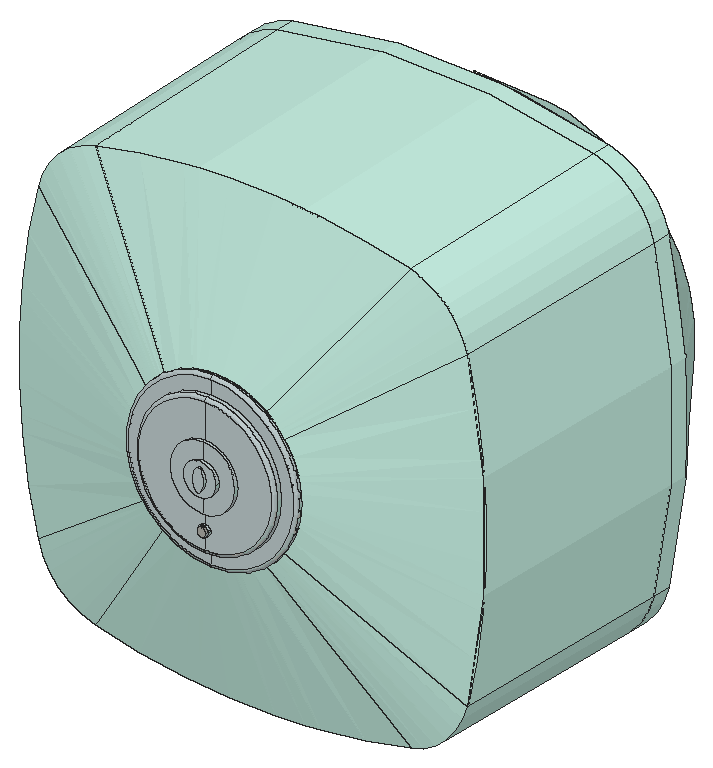
Revit family
Parameters (values of type "440 X 455 X 389")
  Wattage = 1500 W
  Hot Water Pipe Radius = Hot Water Pipe Diameter / 2  # 6.35 mm
  Hot Water Pipe Diameter = 12.7 mm
  Length D = 113 mm
  Heating Time (min) = "80"
  Heater Width = 440 mm
  Width = 455 mm
  URL = "http://www.autospec.co.za/browse.php?id=1660957480"
  Product Code = "FPRX-30-OB"
  OmniClass Title = ""
  OmniClass Number = ""
  Modspec Classification = ""
  Specification = ""
  Material = Galvanised Steel
  Weight (Kg) = "14"
  Location (revit room) = ""
  Model = "Prisma Storage Water Heater FPRX 30 OB"
  Manufacturer = "Kwikot"  # constant formula
  Length = 440 mm
  Electrical Supply = 230 V
  Depth = 389 mm
  Colour = none
  Cold Water Pipe Radius = Cold Water Pipe Diameter / 2  # 6.35 mm
  Cold Water Pipe Diameter = 12.7 mm
  Capacity (Litres) = 30.00 L
  Body Material = Green
  Body Finish = none
  Assembly Code = "D3010500"
Reference planes
  plane 1 "Center (Front/Back)": y = 0
  plane 2 "Bottom": z = 0
  plane 3 "Center (Left/Right)": x = 0
  plane 4: z = 220
  plane 5: z = -220
  plane 6: z = -235
  plane 7: x = -220
  plane 8: x = 220
  plane 9: y = 389
  plane 10: y = 276
  plane 11: y = 293.5
  plane 12: y = 20
  plane 13: y = 63.5
Forms (mm)
  Extrusion 1, solid, material "Red"
    sketch origin (-583.163, -1524, -220) x (-1, 0, 0) y (0, -1, 0)
      loop
        circle (-533.163, -1809) r 6.35
    from 4.425 to -15
  Extrusion 2, solid, material "Green" <- "Body Material"
    sketch origin (587.769, 276, 1200) x (1, 0, 0) y (0, 0, 1)
      loop
        arc (-734.962, -997.58) -> (-770.332, -1017.437) -> (-790.19, -1052.807) r 75
        arc (-790.19, -1052.807) -> (-807.769, -1200) -> (-790.19, -1347.193) r 625
        arc (-790.19, -1347.193) -> (-770.332, -1382.563) -> (-734.962, -1402.42) r 75
        arc (-734.962, -1402.42) -> (-587.769, -1420) -> (-440.577, -1402.42) r 625
        arc (-440.577, -1402.42) -> (-405.207, -1382.563) -> (-385.349, -1347.193) r 75
        arc (-385.349, -1347.193) -> (-367.769, -1200) -> (-385.349, -1052.807) r 625
        arc (-385.349, -1052.807) -> (-405.207, -1017.437) -> (-440.577, -997.58) r 75
        arc (-440.577, -997.58) -> (-587.769, -980) -> (-734.962, -997.58) r 625
    from 0 to -17.5
  Revolve 3, solid, material "Gray"
    sketch origin (0, 0, 0) x (0, 1, 0) y (0, 0, 1)
      loop
        line (15, 0) -> (15, 65) -> (11, 65)
        arc (11, 65) -> (8.879, 64.121) -> (8, 62) r 3
        line (8, 62) -> (8, 30) -> (5, 30) -> (5, 0) -> (15, 0)
      axis (15, 0) -> (5, 0)
    angle from 0 to 360
  Extrusion 4, solid, material "Blue"
    sketch origin (-583.163, -1524, -220) x (-1, 0, 0) y (0, -1, 0)
      loop
        circle (-633.163, -1809) r 6.35
    from 4.425 to -15
  Blend 5, solid, material "Green" <- "Body Material"
    base sketch origin (0, 293.5, 528.983) x (0, 0, 1) y (-1, 0, 0)
      loop
        arc (-326.563, -147.193) -> (-308.983, 0) -> (-326.563, 147.193) r 625
        arc (-326.563, 147.193) -> (-346.421, 182.563) -> (-381.79, 202.42) r 75
        arc (-381.79, 202.42) -> (-528.983, 220) -> (-676.176, 202.42) r 625
        arc (-676.176, 202.42) -> (-711.546, 182.563) -> (-731.403, 147.193) r 75
        arc (-731.403, 147.193) -> (-748.983, 0) -> (-731.403, -147.193) r 625
        arc (-731.403, -147.193) -> (-711.546, -182.563) -> (-676.176, -202.42) r 75
        arc (-676.176, -202.42) -> (-528.983, -220) -> (-381.79, -202.42) r 625
        arc (-381.79, -202.42) -> (-346.421, -182.563) -> (-326.563, -147.193) r 75
    top sketch origin (0, 293.5, 528.983) x (0, 0, 1) y (-1, 0, 0)
      loop
        arc (-407.667, -88.217) -> (-378.983, 0) -> (-407.667, 88.217) r 150
        arc (-407.667, 88.217) -> (-422.917, 106.066) -> (-440.766, 121.317) r 150
        arc (-440.766, 121.317) -> (-528.983, 150) -> (-617.201, 121.317) r 150
        arc (-617.201, 121.317) -> (-635.049, 106.066) -> (-650.3, 88.217) r 150
        arc (-650.3, 88.217) -> (-678.983, 0) -> (-650.3, -88.217) r 150
        arc (-650.3, -88.217) -> (-635.049, -106.066) -> (-617.201, -121.317) r 150
        arc (-617.201, -121.317) -> (-528.983, -150) -> (-440.766, -121.317) r 150
        arc (-440.766, -121.317) -> (-422.917, -106.066) -> (-407.667, -88.217) r 150
    from 0 to -95.5
  Blend 6, solid, material "Green" <- "Body Material"
    base sketch origin (587.769, 276, 1200) x (1, 0, 0) y (0, 0, 1)
      loop
        arc (-734.962, -997.58) -> (-770.332, -1017.437) -> (-790.19, -1052.807) r 75
        arc (-790.19, -1052.807) -> (-807.769, -1200) -> (-790.19, -1347.193) r 625
        arc (-790.19, -1347.193) -> (-770.332, -1382.563) -> (-734.962, -1402.42) r 75
        arc (-734.962, -1402.42) -> (-587.769, -1420) -> (-440.577, -1402.42) r 625
        arc (-440.577, -1402.42) -> (-405.207, -1382.563) -> (-385.349, -1347.193) r 75
        arc (-385.349, -1347.193) -> (-367.769, -1200) -> (-385.349, -1052.807) r 625
        arc (-385.349, -1052.807) -> (-405.207, -1017.437) -> (-440.577, -997.58) r 75
        arc (-440.577, -997.58) -> (-587.769, -980) -> (-734.962, -997.58) r 625
    top sketch origin (587.769, 276, 1200) x (1, 0, 0) y (0, 0, 1)
      loop
        arc (-734.256, -1000.495) -> (-768.211, -1019.559) -> (-787.274, -1053.514) r 72
        arc (-787.274, -1053.514) -> (-804.769, -1200) -> (-787.274, -1346.486) r 622
        arc (-787.274, -1346.486) -> (-768.211, -1380.441) -> (-734.256, -1399.505) r 72
        arc (-734.256, -1399.505) -> (-587.769, -1417) -> (-441.283, -1399.505) r 622
        arc (-441.283, -1399.505) -> (-407.328, -1380.441) -> (-388.265, -1346.486) r 72
        arc (-388.265, -1346.486) -> (-370.769, -1200) -> (-388.265, -1053.514) r 622
        arc (-388.265, -1053.514) -> (-407.328, -1019.559) -> (-441.283, -1000.495) r 72
        arc (-441.283, -1000.495) -> (-587.769, -983) -> (-734.256, -1000.495) r 622
    from 0 to 212.5
  Blend 7, solid, material "Green" <- "Body Material"
    base sketch origin (0, 63.5, 1442.37) x (0, 0, 1) y (-1, 0, 0)
      loop
        arc (-1588.857, 199.505) -> (-1622.812, 180.441) -> (-1641.875, 146.486) r 72
        arc (-1641.875, 146.486) -> (-1659.37, 0) -> (-1641.875, -146.486) r 622
        arc (-1641.875, -146.486) -> (-1622.812, -180.441) -> (-1588.857, -199.505) r 72
        arc (-1588.857, -199.505) -> (-1442.37, -217) -> (-1295.884, -199.505) r 622
        arc (-1295.884, -199.505) -> (-1261.929, -180.441) -> (-1242.866, -146.486) r 72
        arc (-1242.866, -146.486) -> (-1225.37, 0) -> (-1242.866, 146.486) r 622
        arc (-1242.866, 146.486) -> (-1261.929, 180.441) -> (-1295.884, 199.505) r 72
        arc (-1295.884, 199.505) -> (-1442.37, 217) -> (-1588.857, 199.505) r 622
    top sketch origin (0, 63.5, 1442.37) x (0, 0, 1) y (-1, 0, 0)
      loop
        arc (-1377.886, 47.348) -> (-1385.802, 56.569) -> (-1395.023, 64.484) r 80
        arc (-1395.023, 64.484) -> (-1442.37, 80) -> (-1489.718, 64.484) r 80
        arc (-1489.718, 64.484) -> (-1498.939, 56.569) -> (-1506.855, 47.348) r 80
        arc (-1506.855, 47.348) -> (-1522.37, 0) -> (-1506.855, -47.348) r 80
        arc (-1506.855, -47.348) -> (-1498.939, -56.569) -> (-1489.718, -64.484) r 80
        arc (-1489.718, -64.484) -> (-1442.37, -80) -> (-1395.023, -64.484) r 80
        arc (-1395.023, -64.484) -> (-1385.802, -56.569) -> (-1377.886, -47.348) r 80
        arc (-1377.886, -47.348) -> (-1362.37, 0) -> (-1377.886, 47.348) r 80
    from 0 to 43.5
  Revolve 8, solid, material "Gray"
    sketch origin (0, 0, 0) x (0, 1, 0) y (0, 0, 1)
      loop
        line (20, 0) -> (20, 80) -> (18, 80)
        arc (18, 80) -> (15.879, 79.121) -> (15, 77) r 3
        line (15, 77) -> (15, 0) -> (20, 0)
      axis (20, 0) -> (15, 0)
    angle from 0 to 360
  Extrusion 9, solid, material "Gray"
    sketch origin (0, 0, 0) x (1, 0, 0) y (0, 0, 1)
      loop
        circle (0, 0) r 15
    from -2 to -5
  Extrusion 10, solid, material "Gray"
    sketch origin (0, 0, 0) x (1, 0, 0) y (0, 0, 1)
      loop
        spline (0, -10) -> (1.294, -9.659) -> (2.5, -8.66) -> (3.536, -7.071) -> (4.33, -5) -> (4.83, -2.588) -> (5, 0) -> (4.83, 2.588) -> (4.33, 5) -> (3.536, 7.071) -> (2.5, 8.66) -> (1.294, 9.659) -> (0, 10)
        spline (0, 10) -> (-1.294, 9.659) -> (-2.5, 8.66) -> (-3.536, 7.071) -> (-4.33, 5) -> (-4.83, 2.588) -> (-5, 0) -> (-4.83, -2.588) -> (-4.33, -5) -> (-3.536, -7.071) -> (-2.5, -8.66) -> (-1.294, -9.659) -> (0, -10)
    from 0 to -2
  Extrusion 11, solid, material "Gray"
    sketch origin (0, 0, 0) x (1, 0, 0) y (0, 0, 1)
      loop
        circle (0, -45) r 5
    from -6 to -8
  Extrusion 12, solid, material "Yellow"
    sketch origin (0, 0, 0) x (1, 0, 0) y (0, 0, 1)
      loop
        circle (0, -45) r 4
    from -4 to -6
  Extrusion 13, solid
    sketch origin (-220, -1524, -438.75) x (0, 0, -1) y (0, -1, 0)
      loop
        circle (-438.75, -1701.336) r 20
    from 0 to 3
Cuts and joins
  joined: Extrusion 2, Blend 5, Blend 6, Blend 7
Lines and regions (mm)
  symbolic lines
    curve 1: line (-220.657, 293.5, -220) -> (220.267, 293.5, -220)
    curve 2: line (-220, 276, -220) -> (220, 276, -220)
    curve 3: line (-217, 63.501, -220) -> (217, 63.501, -220)
    curve 4: arc (-56.35, 285, 220) -> (-50, 278.65, 220) -> (-43.65, 285, 220) r 6.35
    curve 5: arc (-43.65, 285, 220) -> (-50, 291.35, 220) -> (-56.35, 285, 220) r 6.35
    curve 6: arc (43.65, 285, 220) -> (50, 278.65, 220) -> (56.35, 285, 220) r 6.35
    curve 7: arc (56.35, 285, 220) -> (50, 291.35, 220) -> (43.65, 285, 220) r 6.35
    curve 8: line (150, 389, 220) -> (-150, 389, 220)
    curve 9: line (-220, 293.5, 220) -> (220.267, 293.5, 220)
    curve 10: line (-220, 276, 220) -> (220, 276, 220)
    curve 11: line (-217, 63.501, 220) -> (217, 63.501, 220)
    curve 12: line (-220, 276, 220) -> (-217, 63.501, 220)
    curve 13: line (220, 276, 220) -> (217, 63.501, 220)
    curve 14: line (150, 389, 220) -> (220, 293.5, 220)
    curve 15: line (220, 293.5, 220) -> (220, 276, 220)
    curve 16: line (-220, 293.5, 220) -> (-150, 389, 220)
    curve 17: line (-220, 293.5, 220) -> (-220, 276, 220)
    curve 18: line (-217, 63.501, 220) -> (-80, 20, 220)
    curve 19: line (-80, 20, 220) -> (80, 20, 220)
    curve 20: line (80, 20, 220) -> (217, 63.501, 220)
    curve 21: line (-80, 20, 220) -> (-80, 18, 220)
    curve 22: line (-77, 15, 220) -> (77, 15, 220)
    curve 23: line (80, 18, 220) -> (80, 20, 220)
    curve 24: line (-65, 15, 220) -> (-65, 11.001, 220)
    curve 25: line (-62, 8.001, 220) -> (62, 8.001, 220)
    curve 26: line (65, 11.001, 220) -> (65, 15, 220)
    curve 27: line (-30, 8.001, 220) -> (-30, 5.082, 220)
    curve 28: line (-30, 5.082, 220) -> (30, 5.082, 220)
    curve 29: line (30, 5.082, 220) -> (30, 8.001, 220)
    curve 30: line (-15, 5.082, 220) -> (-15, 2, 220)
    curve 31: line (-15, 2, 220) -> (15, 2, 220)
    curve 32: line (15, 2, 220) -> (15, 5.082, 220)
    curve 33: line (-5, 2, 220) -> (-5, 0, 220)
    curve 34: line (-5, 0, 220) -> (5, 0, 220)
    curve 35: line (5, 0, 220) -> (5, 2, 220)
    curve 36: arc (-77, 15, 220) -> (-79.121, 15.879, 220) -> (-80, 18, 220) r 3
    curve 37: arc (-62, 8.001, 220) -> (-64.121, 8.879, 220) -> (-65, 11.001, 220) r 3
    curve 38: arc (62, 8.001, 220) -> (64.121, 8.879, 220) -> (65, 11.001, 220) r 3
    curve 39: arc (77, 15, 220) -> (79.121, 15.879, 220) -> (80, 18, 220) r 3
Dimensions and locks
  "Heater Width": plane 4 to plane 5
  "Length": plane 7 to plane 8
  equal spacing: plane 7, plane 3 "Center (Left/Right)", plane 8
  equal spacing: plane 4, level, plane 5
  "Depth": plane 9 to plane 1 "Center (Front/Back)"
  Extrusion 1 sketch curve to plane 3 "Center (Left/Right)" = 50 mm
  "Length D": plane 9 to plane 10
  plane 3 "Center (Left/Right)" to Extrusion 4 sketch curve = 50 mm
  "Width": plane 4 to plane 6
  Extrusion 4 sketch curve to plane 9 = 104 mm
  Extrusion 1 sketch curve to plane 9 = 104 mm
  plane 2 "Bottom" to Extrusion 11 sketch curve = 45 mm
  "Hot Water Pipe Radius": radius of Extrusion 1 sketch curve
  "Cold Water Pipe Radius": radius of Extrusion 4 sketch curve
  aligned and locked: plane 2 "Bottom" to level
  aligned: Extrusion 1 to plane 6
  aligned and locked: plane 2 "Bottom" to Revolve 3 sketch curve
  aligned and locked: Extrusion 4 to plane 6
  aligned and locked: Extrusion 4 to Extrusion 1
  aligned and locked: Extrusion 1 to Extrusion 4
  aligned and locked: Extrusion 1 to plane 6
  aligned and locked: Blend 5 to plane 9
  aligned and locked: curve 4 to Extrusion 1
  aligned and locked: curve 5 to Extrusion 1
  aligned and locked: curve 6 to Extrusion 4
  aligned and locked: curve 7 to Extrusion 4
  aligned and locked: Blend 5 sketch curve to cut or joined group of Extrusion 2, Blend 5, Blend 6, Blend 7  (x8)
  aligned and locked: plane 11 to Blend 5
  aligned and locked: Blend 6 sketch curve to cut or joined group of Extrusion 2, Blend 5, Blend 6, Blend 7  (x8)
  aligned and locked: Blend 7 sketch curve to cut or joined group of Extrusion 2, Blend 5, Blend 6, Blend 7  (x8)
  aligned and locked: plane 12 to Blend 7
  aligned and locked: curve 8 to cut or joined group of Extrusion 2, Blend 5, Blend 6, Blend 7
  aligned and locked: curve 1 to curve 9
  aligned and locked: curve 10 to curve 2
  aligned and locked: curve 11 to curve 3
  aligned and locked: curve 12 to curve 3
  aligned and locked: curve 13 to curve 3
  aligned and locked: plane 8 to curve 15
  aligned and locked: plane 7 to curve 17
  aligned and locked: plane 2 "Bottom" to Revolve 8 sketch curve  (x2)
  aligned and locked: Revolve 8 sketch curve to cut or joined group of Extrusion 2, Blend 5, Blend 6, Blend 7
  aligned: Extrusion 9 to Revolve 3
Automatic sketch dimensions
  plane 11 to curve 1 = 0 mm
  curve 2 to plane 8 = 0 mm
  curve 2 to plane 7 = 0 mm
  plane 10 to curve 2 = 0 mm
  curve 1 to plane 8 = 0.267 mm
  curve 3 to plane 13 = 0.001 mm
  plane 8 to curve 3 = 3 mm
  curve 3 to plane 7 = 3 mm
  plane 7 to curve 1 = 0.657 mm
  Extrusion 2 sketch curve to level = 0 mm  (x2)
  Extrusion 2 sketch curve to plane 3 "Center (Left/Right)" = 0 mm  (x2)
  plane 5 to Extrusion 2 sketch curve = 17.58 mm  (x2)
  Extrusion 2 sketch curve to Extrusion 2 sketch curve = 17.663 mm  (x3)
  Extrusion 2 sketch curve to plane 4 = 17.58 mm
  Extrusion 2 sketch curve to Extrusion 2 sketch curve = 0 mm  (x7)
  Extrusion 2 sketch curve to plane 7 = 17.58 mm
  Extrusion 2 sketch curve to Extrusion 2 sketch curve = 72.89 mm
  plane 7 to Extrusion 2 sketch curve = 185 mm
  plane 8 to Extrusion 2 sketch curve = 90.47 mm
  plane 8 to Extrusion 2 sketch curve = 72.807 mm
  plane 8 to Extrusion 2 sketch curve = 17.58 mm  (x2)
  Blend 5 sketch curve to Blend 5 sketch curve = 0 mm  (x56)
  Blend 5 sketch curve to level = 0 mm
  Blend 5 sketch curve to plane 3 "Center (Left/Right)" = 0 mm
  Blend 5 sketch curve to level = 88.217 mm  (x2)
  Blend 5 sketch curve to Blend 5 sketch curve = 33.099 mm  (x4)
  level to Blend 5 sketch curve = 88.217 mm  (x2)
  plane 3 "Center (Left/Right)" to Blend 5 sketch curve = 88.217 mm
  Blend 6 sketch curve to level = 0 mm  (x2)
  Blend 6 sketch curve to plane 3 "Center (Left/Right)" = 0 mm  (x2)
  Blend 6 sketch curve to plane 7 = 90.47 mm
  Blend 6 sketch curve to plane 4 = 20.495 mm
  Blend 6 sketch curve to Blend 6 sketch curve = 16.957 mm  (x4)
  plane 5 to Blend 6 sketch curve = 20.495 mm
  Blend 6 sketch curve to Blend 6 sketch curve = 0 mm  (x7)
  Blend 6 sketch curve to plane 7 = 20.495 mm
  Blend 6 sketch curve to Blend 6 sketch curve = 69.975 mm  (x3)
  plane 7 to Blend 6 sketch curve = 185 mm
  plane 8 to Blend 6 sketch curve = 90.47 mm
  Blend 7 sketch curve to level = 0 mm
  Blend 7 sketch curve to plane 3 "Center (Left/Right)" = 0 mm
  Blend 7 sketch curve to Blend 7 sketch curve = 0 mm  (x13)
  Blend 7 sketch curve to Blend 7 sketch curve = 17.137 mm  (x4)
  Blend 7 sketch curve to plane 3 "Center (Left/Right)" = 47.348 mm
  Blend 7 sketch curve to level = 64.484 mm
  level to Blend 7 sketch curve = 47.348 mm  (x2)
  plane 3 "Center (Left/Right)" to Blend 7 sketch curve = 47.348 mm
  plane 12 to Revolve 8 sketch curve = 2 mm
  plane 12 to Revolve 8 sketch curve = 5 mm
  plane 1 "Center (Front/Back)" to Revolve 8 sketch curve = 55 mm
  Revolve 8 sketch curve to plane 13 = 31.5 mm
  level to Revolve 8 sketch curve = 77 mm
  Revolve 3 sketch curve to level = 0 mm
  plane 1 "Center (Front/Back)" to Revolve 3 sketch curve = 7.054 mm
  Revolve 3 sketch curve to plane 1 "Center (Front/Back)" = 5 mm
  Revolve 3 sketch curve to Revolve 3 sketch curve = 3 mm  (x2)
  Revolve 3 sketch curve to Revolve 3 sketch curve = 4 mm
  Revolve 3 sketch curve to plane 12 = 17.946 mm
  level to Revolve 3 sketch curve = 30 mm
  Revolve 3 sketch curve to Revolve 3 sketch curve = 32 mm
  Extrusion 9 sketch curve to level = 0 mm
  Extrusion 9 sketch curve to plane 3 "Center (Left/Right)" = 0 mm
  Extrusion 10 sketch curve to plane 3 "Center (Left/Right)" = 0 mm
  Extrusion 10 sketch curve to level = 0 mm
  Extrusion 10 sketch curve to level = 10 mm
  curve 14 to plane 8 = 0 mm
  plane 9 to curve 8 = 0 mm
  plane 12 to curve 20 = 0 mm
  plane 1 "Center (Front/Back)" to curve 35 = 0 mm
  curve 9 to curve 14 = 0.267 mm
  plane 8 to curve 8 = 70 mm
  plane 12 to curve 23 = 2 mm
  plane 3 "Center (Left/Right)" to curve 23 = 80 mm
  curve 23 to curve 22 = 3 mm
  curve 22 to curve 38 = 12 mm
  curve 38 to curve 25 = 3 mm
  curve 29 to plane 1 "Center (Front/Back)" = 8.001 mm
  plane 3 "Center (Left/Right)" to curve 29 = 30 mm
  curve 31 to plane 1 "Center (Front/Back)" = 2 mm
  plane 3 "Center (Left/Right)" to curve 31 = 15 mm
  plane 3 "Center (Left/Right)" to curve 35 = 5 mm
  curve 34 to plane 3 "Center (Left/Right)" = 5 mm
  curve 33 to curve 30 = 10 mm
  curve 28 to plane 1 "Center (Front/Back)" = 5.082 mm
  curve 30 to curve 28 = 15 mm
  curve 27 to curve 37 = 32 mm
  curve 37 to curve 37 = 3 mm
  curve 24 to curve 36 = 12 mm
  curve 36 to curve 18 = 3 mm
  curve 8 to plane 7 = 70 mm
  Extrusion 11 sketch curve to plane 3 "Center (Left/Right)" = 0 mm
  Extrusion 12 sketch curve to plane 3 "Center (Left/Right)" = 0 mm
  Extrusion 12 sketch curve to plane 3 "Center (Left/Right)" = 4 mm
  Extrusion 12 sketch curve to level = 45 mm
  Extrusion 13 sketch curve to level = 0 mm
  plane 10 to Extrusion 13 sketch curve = 98.664 mm
  radius of Extrusion 9 sketch curve = 15 mm
  radius of Extrusion 11 sketch curve = 5 mm
  radius of Extrusion 13 sketch curve = 20 mm
Connectors
  piping at (-50, 285, -235), driven by "Hot Water Pipe Radius"
    settings: on Extrusion 1, index 1, connector radius 6.35 mm, flow factor 0, pipe flow 0.0 L/s, pressure drop 0 kPa, fitting loss kfactor 0, connector angle 0.00°, fixture units 0, flow configuration 0, flow direction 2, fitting loss method 0, system type 19, connector reference index -1, connector utility 0, adjustable connector no, is connector primary no, fitting loss table "", connector description "Outlet Pipe Connector"
  piping at (50, 285, -235), driven by "Cold Water Pipe Radius"
    settings: on Extrusion 4, index 2, connector radius 6.35 mm, flow factor 0, pipe flow 0.0 L/s, pressure drop 0 kPa, fitting loss kfactor 0, connector angle 0.00°, fixture units 0, flow configuration 0, flow direction 1, fitting loss method 0, system type 20, connector reference index -1, connector utility 0, adjustable connector no, is connector primary yes, fitting loss table "", connector description "Inlet Pipe Connector"
  electrical at (-223, 177.336, 0), driven by "Electrical Supply", driven by "Wattage"
    settings: on Extrusion 13, index 3, voltage 230 V, apparent load 0 kW, apparent load phase1 1.5 kW, apparent load phase2 0 kW, apparent load phase3 0 kW, power factor 1, load classification "Other", number of poles 1, system type 31, power factor state 1, is connector primary yes, connector utility no, sub classification motor no, connector description "Electrical Connector"
